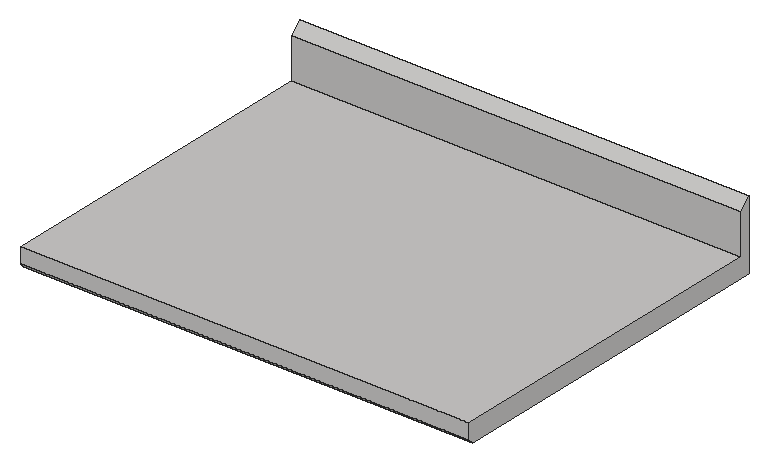
Revit family "QF_ELECTROLUXPROFESSIONAL_121135_TPLA9A", category Attrezzature speciali, Revit 2020
Family settings
  Quota connettore circolare = Usa diametro
  Tipo di parte = Normale
  Basato su piano di lavoro = No
  Sempre verticale = Sì
  Taglio con vuoti quando caricato = No
  Condiviso = No
  Punto di calcolo locali = No
Parameters (values of type "Standard")
  Weight = 33.00 kg
  Watts = 0 W
  Volts = 0 V
  URL Manufacturer = "https://www.electroluxprofessional.com/"
  URL = "https://www.electroluxprofessional.com/"
  Steam Supply Size = 0 mm
  Steam Supply Minimum Pressure = 0.0 Pa
  Steam Supply Maximum Pressure = 0.0 Pa
  Steam Consumption per Hour = 0
  Refrigeration Suction Line Size = 0.0 mm
  Refrigeration Liquid Line Size = 0.0 mm
  Refrigerant Compressor Remote = yes
  Prospetto di default = 0.0 mm
  Phase = 0
  Modello = "TPLA9A"
  Produttore = "Electrolux Professional"
  Length Actual = 900.0 mm  # constant formula
  Item Number = "121135"
  Hot Water Size = 0 mm
  Height Actual = 140.0 mm  # constant formula
  HP = "0 HP"
  Gas Size = 0 mm
  Gas KW = 0
  Gas Input Pressure = 0 W
  Direct Waste Size = 0 mm
  Descrizione = "WORK TOP WITH UPSTAND 900MM"
  Depth Actual = 700.0 mm  # constant formula
  Cycle = 0 Hz
  Condensate Return Size = 0 mm
  Compressed Air Volume = 0.0 L/s
  Compressed Air Size = 0 mm
  Compressed Air Pressure = 0.0 Pa
  Cold Water Size = 0 mm
  Accessory = yes
Reference planes
  plane 1 "Center (Front/Back)": y = 0
  plane 2: z = 0
  plane 3 "Center (Left/Right)": x = 50
  plane 4 "LEFT": x = -400
  plane 5 "RIGHT": x = 500
  plane 6 "BACK": y = 350
  plane 7 "FRONT": y = -350
  plane 8 "TOP": z = 1000
  plane 9: z = 900
  plane 10: z = 860
Forms (mm)
  Extrusion 1, solid, material "QF_Finishes_Stainless Steel"
    sketch origin (50, 0, 0) x (0, 1, 0) y (0, 0, 1)
      loop
        line (350, 1000) -> (330, 980) -> (330, 900) -> (-350, 900) -> (-350, 870) -> (-340, 860) -> (350, 860) -> (350, 1000)
    from 450 to -450
Lines and regions (mm)
  symbolic lines
    curve 1: line (500, 350, 1000) -> (-400, 350, 1000)
    curve 2: line (-400, 350, 1000) -> (-400, -350, 1000)
    curve 3: line (-400, -350, 1000) -> (500, -350, 1000)
    curve 4: line (500, -350, 1000) -> (500, 350, 1000)
    curve 5: line (-400, 330, 1000) -> (500, 330, 1000)
Dimensions and locks
  plane 4 "LEFT" to plane 5 "RIGHT" = 900.0 mm
  equal spacing: plane 4 "LEFT", plane 3 "Center (Left/Right)", plane 5 "RIGHT"
  plane 6 "BACK" to plane 7 "FRONT" = 700.0 mm
  equal spacing: plane 6 "BACK", plane 1 "Center (Front/Back)", plane 7 "FRONT"
  locked: plane 8 "TOP" to plane 9 at 100
  locked: plane 6 "BACK" to Extrusion 1 sketch curve at 20
  plane 10 to level = 860.0 mm
  plane 8 "TOP" to plane 10 = 140.0 mm
  aligned and locked: level to plane 2
  aligned and locked: Extrusion 1 to plane 4 "LEFT"
  aligned and locked: plane 5 "RIGHT" to Extrusion 1
  aligned and locked: curve 2 to plane 4 "LEFT"
  aligned and locked: Extrusion 1 sketch curve to plane 9
  aligned and locked: Extrusion 1 sketch curve to plane 6 "BACK"
  aligned and locked: plane 7 "FRONT" to Extrusion 1 sketch curve
  aligned and locked: plane 10 to Extrusion 1 sketch curve
Automatic sketch dimensions
  curve 3 to plane 7 "FRONT" = 0.0 mm
  curve 4 to plane 5 "RIGHT" = 0.0 mm
  curve 4 to plane 6 "BACK" = 0.0 mm
  curve 5 to plane 6 "BACK" = 20.0 mm
  Extrusion 1 sketch curve to plane 8 "TOP" = 0.0 mm
  Extrusion 1 sketch curve to plane 8 "TOP" = 20.0 mm
  plane 7 "FRONT" to Extrusion 1 sketch curve = 10.0 mm
  level to Extrusion 1 sketch curve = 870.0 mm
